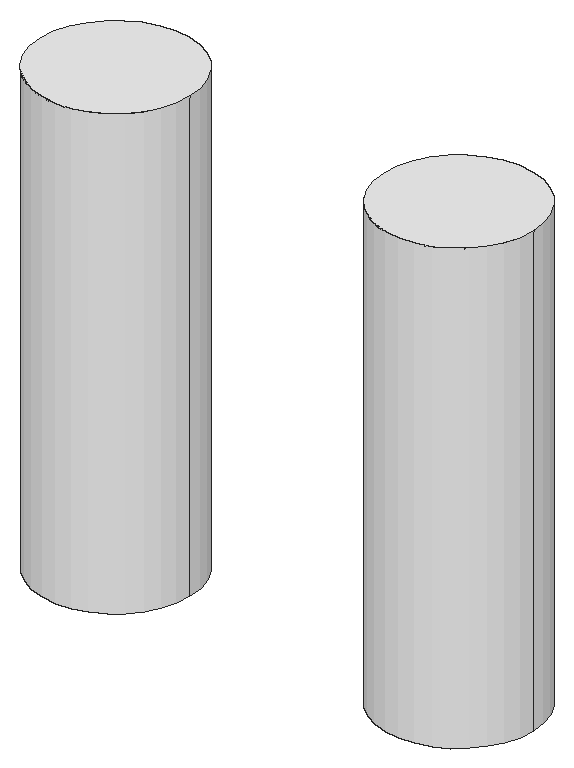
Revit family "0920220333", category Plumbing Fixtures, Revit 2018
Family settings
  Round Connector Dimension = Use Diameter
  Part Type = Normal
  OmniClass Number = 23.45.55.00
  OmniClass Title = Sanitary Faucets, Wastes
  Work Plane-Based = No
  Always vertical = Yes
  Cut with Voids When Loaded = No
  Shared = No
  Room Calculation Point = No
Parameters (values of type "0920220333 Kitchen faucet ")
  WorkingPressure = "50 - 1000 kPa"
  Working Pressure = "50 - 1000 kPa"
  WarrantyStartDate [instance] = "n/a"
  WarrantyGuarantorParts = "n/a"
  WarrantyGuarantorLabor = "n/a"
  WarrantyDurationUnit = "Year"
  WarrantyDurationParts = "n/a"
  WarrantyDurationLabor = "n/a"
  WarrantyDescription = "http://warranty.hansa.com"
  Warranty Information URL = "http://warranty.hansa.com"
  VersionDate = "01/07/2022"
  Version = "2"  # constant formula
  ValvePattern = "n/a"
  ValveOperation = "n/a"
  ValveMechanism = "n/a"
  Uniclass2015Reference = "Pr_40_20_87_96"
  Uniclass2015Description = "Washbasin manual water supply sets"
  Uniclass2 = "Pr_40_30_96_96"
  URL REACH = "http://static.hansa.com/doc/reach"
  URL Declaration of Conformity = "http://static.hansa.com/DoC/0920220333"
  URL DVGW = "http://static.hansa.com/DVGW/0920220333"
  URL = ""
  UNSPSC Class Number = "30181700 Faucets or taps"
  TestPressure = "n/a"
  Temperature Adjustments = "Limitation option for maximum temperature and flow-rate ;Adjustable hot water stop (included, retrofittable)"
  Technical DataSheet URL = "http://www.hansa.com/datasheet/0920220333/en"
  TagNumber [instance] = "n/a"
  SustainabilityPerformance = "n/a"
  Surface treatment = "Matt black"
  Spout Type = "Swivel spout;Casted construction"
  Spout Swivel Range = "150° (360°)"
  Spout Projection = "193 mm"
  Spare-Part Information URL = "http://static.hansa.com/sp/0920220333"
  Size = "100x255x300 mm"
  Shape = "Sculptured"
  SerialNumber [instance] = "n/a"
  Sales Package dimensions (LxWxH) = "407 x 265 x 119"
  Revision = "2"  # constant formula
  ReplacementCost = "n/a"
  ProductInformation = "n/a"
  Product URL = "http://static.hansa.com/0920220333"
  Product Image URL = "http://static.hansa.com/image/0920220333"
  Product Family = "HANSATWIST "
  Product Code = "0920220333"
  Pressure Loss With Flow 02ls = 300000.0 Pa
  OperatingMechanismMaterial = "n/a"
  NominalWidth = 101.194 mm
  NominalHeight = 298.727 mm
  NominalDepth = 232.79 mm
  Noise Class = "I (ISO 3822)"
  Name_en = "0920220333 Kitchen faucet"
  Name = "0920220333 Kitchen faucet"
  NBSReference = "45-35-70/371"
  NBSDescription = "Water supply fittings for wash basins and troughs"
  Mounting Holes = "1 hole"
  ModelReference = "0920220333"
  ModelNumber = "n/a"
  Model = "0920220333 Kitchen faucet"
  Mobile Product Information URL = "http://mpi.hansa.com/0920220333"
  Mechanical Parts = "ø 35 mm ceramic cartridge for flow and temperature control"
  Max. Hot Water Supply = 80 °C
  Material = "Brass"
  Market = "International;Germany;Austria;Belgium;Netherlands"
  ManufacturerURL = "http://www.hansa.com"
  ManufacturerName = "HANSA"
  Manufacturer = "HANSA"
  Lever Handle = "Hot/Cold symbols;Single operating lever/handle"
  Keynote = ""
  Interactive AR View URL = "https://static.hansa.com/AR/0920220333"
  InstallationDate [instance] = "n/a"
  Installation and Maintenance Guide URL = "http://static.hansa.com/manual/0920220333"
  Installation Type = "Deck mounted"
  InletConnectionSize = 10 mm
  IfcExportType = "FAUCET"  # constant formula
  IfcExportAs = "IfcValveType"  # constant formula
  Group = "Kitchen faucet"
  Grade = "n/a"
  FlowCoefficient = 0
  Flow Rate At 300kPa = 0.2 L/s
  Flow Drawing URL = "http://static.hansa.com/flowchart/0920220333"
  Finish = "Polished"
  Features = "Single-lever, side operated"
  FaucetMainMaterial = Brass
  FDV Document URL = "http://www.hansa.com/datasheet/0920220333/en/fdv"
  ExpectedLife = "n/a"
  ETIM Class Number = "EC011431 Kitchen mixing tap"
  EN Standard = "EN 817"
  EAN Number = "4057304014390"
  DurationUnit = "Year"
  Dimension Drawing URL = "http://static.hansa.com/dimdrw/0920220333"
  Description = ""
  DefaultElevation [instance] = 900 mm
  Constituents = "n/a"
  Connection Size = "G3/8"
  Connection = "Flexible inlet pipes"
  Color = "Black Matt"
  CodePerformance = "n/a"
  CloseOffRating = 0
  Category = "Kitchen"
  Catalog Drawing URL = "http://static.hansa.com/catdrw/0920220333"
  Brand = "HANSA"
  BodyMaterial = "Brass"
  Barcode [instance] = "n/a"
  Backflow Prevention EN1717 = "AA"
  BIMObjectName = "0920220333"
  Author = "BIMStone"
  AssetType = "Fixed"
  AssetIdentifier [instance] = "n/a"
  Approval DVGW = "NW-6506CQ0410"
  Ambience photo = "http://static.hansa.com/ambience/0920220333"
  Aerator = "Standard aerator"
  Advanced Features = "Inner body made of DZR brass;Surfaces in contact with drinking water contain less than 0.3% lead;Waterways without nickel coating"
  AccessibilityPerformance = "n/a"
  3D View = "https://static.hansa.com/3D/0920220333"
  2D/3D/BIM Files URL = "http://static.hansa.com/bim/0920220333"
Reference planes
  plane 1 "Center (Front/Back)": y = 0
  plane 2: z = 0
  plane 3 "Center (Left/Right)": x = 0
  plane 4: x = -24.236
  plane 5: z = 900
  plane 6: z = 870
  plane 7: y = -232.79
  plane 8: x = 24.236
  plane 9: z = 1198.727
  plane 10: x = 76.958
Forms (mm)
  Extrusion 1, solid, material "Brass" <- "FaucetMainMaterial"
    sketch origin (0, -1.749, 0) x (1, 0, 0) y (0, 1, 0)
      loop
        circle (-11.5, -22.5) r 5
      loop
        circle (11.5, -22.5) r 5
    from 870 to 900
Dimensions and locks
  "DefaultElevation": plane 5 to level
  locked: plane 5 to plane 6 at 30
  "NominalDepth": plane 7 to plane 1 "Center (Front/Back)"
  equal spacing: plane 4, plane 3 "Center (Left/Right)", plane 8
  "NominalHeight": plane 9 to plane 5
  locked: plane 8 to plane 10 at 52.723
  "NominalWidth": plane 4 to plane 10
  "InletConnectionSize": diameter of Extrusion 1 sketch curve  (x2)
  aligned and locked: level to plane 2
  aligned and locked: plane 5 to Extrusion 1
  aligned and locked: Extrusion 1 to plane 6
  aligned and locked: plane 5 to nested 2
Automatic sketch dimensions
  Extrusion 1 sketch curve to plane 3 "Center (Left/Right)" = 11.5 mm
  plane 3 "Center (Left/Right)" to Extrusion 1 sketch curve = 11.5 mm
  plane 1 "Center (Front/Back)" to Extrusion 1 sketch curve = 24.249 mm
  Extrusion 1 sketch curve to Extrusion 1 sketch curve = 0 mm
Nested families
  nested 1: "Symbol" at (0, 0, 0), type "Symbol", detail levels coarse
  nested 2: "0920220333_p" at (0, 0, 900), Material <- "FaucetMainMaterial", type "0920220333_p"
    with Material Brass
Connectors
  piping at (-11.5, -24.249, 870), diameter 10, driven by "InletConnectionSize"
    settings: on Extrusion 1, index 1, connector inside diameter 609.6 mm, connector length 0 mm, flow factor 0, pipe flow 0.0 L/s, pressure drop 0.0 Pa, fitting loss kfactor 0, connector angle 0.00°, fixture units 0, engagement length 0 mm, angle of deflection 0.00°, flow configuration 1, flow direction 1, fitting loss method 0, system type 19, joint type 0, gender type 0, connector reference index -1, connector utility 0, adjustable connector no, is connector primary yes, connector description ""
  piping at (11.5, -24.249, 870), diameter 10, driven by "InletConnectionSize"
    settings: on Extrusion 1, index 2, connector inside diameter 609.6 mm, connector length 0 mm, flow factor 0, pipe flow 0.0 L/s, pressure drop 0.0 Pa, fitting loss kfactor 0, connector angle 0.00°, fixture units 0, engagement length 0 mm, angle of deflection 0.00°, flow configuration 1, flow direction 1, fitting loss method 0, system type 20, joint type 0, gender type 0, connector reference index -1, connector utility 0, adjustable connector no, is connector primary no, connector description ""
Definition of nested family "Symbol"
  Reference planes
    plane 1: y = 0
    plane 2: x = 0
  Lines and regions (mm)
    detail lines
      curve 1: line (0, 0, 0) -> (0, -1.8, 0)
      curve 2: line (-0.4, -1.1, 0) -> (0.4, -1.1, 0)
      curve 3: line (-0.4, -1.4, 0) -> (0.4, -1.4, 0)
      curve 4: line (0.863, 0, 0) -> (-0.863, 0, 0)
      curve 5: circle (-1.163, 0, 0) r 0.3 normal (0, 0, -1)
      curve 6: circle (1.163, 0, 0) r 0.3 normal (0, 0, 1)
Definition of nested family "0920220333_p"
  Parameters (values of type "0920220333_p")
    Material [instance] = none
  Reference planes
    plane 1 "Center (Front/Back)": y = 0
    plane 2: z = 0
    plane 3 "Center (Left/Right)": x = 0
    plane 4: z = 298.727
    plane 5: y = -232.79
    plane 6: x = -24.236
    plane 7: x = 24.236
    plane 8: x = 76.958
  Forms (mm)
    Revolve 1, solid, material <- "Material", detail levels medium
      sketch origin (0, 0, 0) x (0, 1, 0) y (0, 0, 1)
        loop
          line (-0.999, 0) -> (-0.999, 107.141) -> (-9.249, 107.141) -> (-9.249, 277.141) -> (-24.249, 277.141) -> (-24.249, 0) -> (-0.999, 0)
        axis (-24.249, 277.141) -> (-24.249, 0)
      angle from 0 to 360
    Extrusion 2, void
      sketch origin (0, 0, 0) x (0, 1, 0) y (0, 0, 1)
        loop
          line (0, 258.156) -> (0, 301.618) -> (-246.489, 301.618) -> (0, 258.156)
      from 24.236 to -24.236
    Extrusion 3, solid, material <- "Material", detail levels medium
      sketch origin (0, 0, 0) x (0, 1, 0) y (0, 0, 1)
        loop
          line (-24.249, 262.431) -> (-229.999, 298.711)
          arc (-229.999, 298.711) -> (-230.597, 298.578) -> (-230.926, 298.062) r 0.8
          line (-230.926, 298.062) -> (-232.782, 287.533)
          arc (-232.782, 287.533) -> (-232.744, 287.035) -> (-232.469, 286.618) r 1
          line (-232.469, 286.618) -> (-227.318, 281.958) -> (-204.906, 273.789) -> (-24.249, 237.212) -> (-24.249, 262.431)
      from -15 to 15
    Revolve 4, solid, material <- "Material", detail levels medium
      sketch origin (0, 0, 0) x (0, 1, 0) y (0, 0, 1)
        loop
          line (-217.772, 272.766) -> (-206.436, 269.083) -> (-204.044, 276.444) -> (-215.38, 280.127) -> (-217.772, 272.766)
        axis (-215.38, 280.127) -> (-217.772, 272.766)
      angle from 0 to 360
    Revolve 5, solid, material <- "Material", detail levels medium
      sketch origin (0, -24.249, 0) x (1, 0, 0) y (0, 0, 1)
        loop
          line (0.034, 54.308) -> (86.782, 69.933) -> (82.597, 93.667) -> (39.914, 86.141) -> (40.322, 83.878) -> (37.985, 83.465) -> (37.802, 84.481) -> (-3.96, 76.958) -> (0.034, 54.308)
        axis (0.034, 54.308) -> (86.869, 69.949)
      angle from 0 to 360
    Extrusion 6, void
      sketch origin (0, 0, 0) x (1, 0, 0) y (0, 1, 0)
        loop
          line (76.958, 4.643) -> (76.958, -67.417) -> (91.958, -67.417) -> (91.958, 4.643) -> (76.958, 4.643)
      from 0 to 250
    Extrusion 7, solid, material <- "Material", detail levels medium
      sketch origin (0, 0, 0) x (0, 1, 0) y (0, 0, 1)
        loop
          line (-79.154, 132.181) -> (-38.575, 56.458) -> (-7.866, 74.91) -> (-51.672, 147.816)
          arc (-51.672, 147.816) -> (-54.692, 150.078) -> (-58.432, 149.586) r 5
          line (-58.432, 149.586) -> (-77.22, 138.888)
          arc (-77.22, 138.888) -> (-79.551, 135.928) -> (-79.154, 132.181) r 5
      from 64.301 to 76.958
    Extrusion 8, solid, material <- "Material", detail levels coarse
      sketch origin (0, 0, 0) x (1, 0, 0) y (0, 1, 0)
        loop
          line (-24.236, 0) -> (-24.236, -232.79) -> (76.958, -232.79) -> (76.958, 0) -> (-24.236, 0)
      from 0 to 298.727
  Cuts and joins
    Extrusion 2 cuts Revolve 1
    Extrusion 6 cuts Revolve 5
    joined: Revolve 1, Extrusion 3, Revolve 4, Revolve 5, Extrusion 7
  Lines and regions (mm)
    symbolic lines, detail levels fine
      curve 1: arc (15, -42.157, 0) -> (21.903, -16.329, 0) -> (0, -1, 0) r 23.312
      curve 4: arc (-15, -24.249, 0) -> (0, -9.249, 0) -> (15, -24.249, 0) r 15
      curve 10: spline (41.493, -47.513, 0) -> (40.458, -46.721, 0) -> (39.493, -44.398, 0) -> (38.665, -40.702, 0) -> (38.029, -35.885, 0) -> (37.63, -30.276, 0) -> (37.493, -24.257, 0) -> (37.63, -18.237, 0) -> (38.029, -12.628, 0) -> (38.665, -7.812, 0) -> (39.493, -4.116, 0) -> (40.458, -1.792, 0) -> (41.493, -1, 0)
      curve 13: arc (42.802, -2.834, 0) -> (43.486, -2.272, 0) -> (44.213, -1.767, 0) r 11.219
      curve 25: line (15, -47.513, 0) -> (15, -24.249, 0)
      curve 26: line (-15, -42.157, 0) -> (-15, -24.249, 0)
      curve 29: arc (42.645, -46.297, 0) -> (40.039, -24.556, 0) -> (42.802, -2.834, 0) r 89.296
      curve 38: line (0, -39.249, 109.115) -> (0, -39.249, 127.141)
      curve 39: line (0, -40.929, 107.141) -> (0, -46.499, 107.141)
      curve 40: line (0, -7.493, 107.141) -> (0, -40.929, 107.141)
      curve 42: arc (0, -40.929, 107.141) -> (0, -39.726, 107.819) -> (0, -39.249, 109.115) r 2
      curve 44: arc (0, -46.499, 107.141) -> (0, -47.206, 106.848) -> (0, -47.499, 106.141) r 1
      curve 48: line (0, -47.499, 55.904) -> (0, -47.499, 106.141)
      curve 50: line (0, -0.999, 56.979) -> (0, -0.999, 73.551)
      curve 63: arc (0, -204.906, 273.789) -> (0, -215.167, 280.468) -> (0, -227.318, 281.958) r 27.138
      curve 67: line (0, -232.782, 287.533) -> (0, -24.265, 244.952)
      curve 68: line (0, -24.265, 244.952) -> (0, -24.265, 262.434)
      curve 69: line (0, -24.265, 244.952) -> (0, -39.249, 236.159)
      curve 79: line (17, 0, 107.141) -> (-17, 0, 107.141)
      curve 84: spline (11.072, 0, 271.943) -> (10.696, 0, 273.05) -> (9.593, 0, 274.082) -> (7.839, 0, 274.968) -> (5.554, 0, 275.647) -> (2.892, 0, 276.075) -> (0.036, 0, 276.22) -> (-2.82, 0, 276.075) -> (-5.482, 0, 275.647) -> (-7.768, 0, 274.968) -> (-9.521, 0, 274.082) -> (-10.624, 0, 273.05) -> (-11, 0, 271.943) -> (-10.624, 0, 270.836) -> (-9.521, 0, 269.804) -> (-7.768, 0, 268.919) -> (-5.482, 0, 268.239) -> (-2.82, 0, 267.812) -> (0.036, 0, 267.666) -> (2.892, 0, 267.812) -> (5.554, 0, 268.239) -> (7.839, 0, 268.919) -> (9.593, 0, 269.804) -> (10.696, 0, 270.836) -> (11.072, 0, 271.943)
      curve 85: line (-11, 0, 271.943) -> (-11, 0, 277.862)
      curve 86: line (-11, 0, 277.862) -> (-15, 0, 281.862)
      curve 87: line (11, 0, 271.943) -> (11, 0, 277.862)
      curve 88: line (11, 0, 277.862) -> (15, 0, 281.862)
      curve 89: line (-9.017, 0, 286.595) -> (9.017, 0, 286.595)
      curve 90: arc (-15, 0, 285.422) -> (-12.066, 0, 286.299) -> (-9.017, 0, 286.595) r 15.847
      curve 91: arc (15, 0, 285.422) -> (12.066, 0, 286.299) -> (9.017, 0, 286.595) r 15.847
      curve 103: arc (47.41, 0, 48.599) -> (50.329, 0, 45.678) -> (53.34, 0, 42.852) r 127.788
      curve 104: arc (46.041, 0, 51.433) -> (46.498, 0, 49.906) -> (47.41, 0, 48.599) r 5.022
      curve 108: line (37.843, 0, 84.25) -> (45.915, 0, 39.44)
      curve 112: line (40.218, 0, 84.458) -> (46.041, 0, 51.433)
      curve 121: line (23.25, 0, 89.725) -> (2.838, 0, 65.399)
      curve 122: line (23.25, 0, 29.959) -> (4.567, 0, 45.636)
      curve 123: arc (2.838, 0, 65.399) -> (-0.39, 0, 55.159) -> (4.567, 0, 45.636) r 14.028
      curve 124: line (30.676, 0, 83.494) -> (10.558, 0, 59.042)
      curve 125: line (28.208, 0, 35.868) -> (11.215, 0, 50.659)
      curve 126: arc (10.558, 0, 59.042) -> (9.172, 0, 54.716) -> (11.215, 0, 50.659) r 6
    symbolic lines, detail levels medium+fine
      curve 2: line (-15, -226.79, 0) -> (-15, -42.157, 0)
      curve 3: line (15, -226.79, 0) -> (15, -47.513, 0)
      curve 5: line (-9, -232.79, 0) -> (9, -232.79, 0)
      curve 6: arc (-9, -232.79, 0) -> (-13.243, -231.032, 0) -> (-15, -226.79, 0) r 6
      curve 7: arc (9, -232.79, 0) -> (13.243, -231.032, 0) -> (15, -226.79, 0) r 6
      curve 8: line (15, -47.513, 0) -> (41.493, -47.513, 0)
      curve 9: line (0, -1, 0) -> (41.493, -1, 0)
      curve 11: arc (41.493, -1, 0) -> (42.085, -1.158, 0) -> (42.519, -1.589, 0) r 1.188
      curve 12: line (42.519, -1.589, 0) -> (44.213, -1.767, 0)
      curve 14: line (50.227, 0, 0) -> (69.922, 0, 0)
      curve 15: arc (71.906, -1.745, 0) -> (75.637, -40.151, 0) -> (76.969, -78.715, 0) r 619.087
      curve 16: line (76.056, -79.715, 0) -> (74.015, -79.893, 0)
      curve 17: line (72.945, -79.083, 0) -> (67.446, -50.1, 0)
      curve 18: line (44.403, -48.473, 0) -> (65.481, -48.473, 0)
      curve 19: arc (42.645, -46.297, 0) -> (42.331, -47.153, 0) -> (41.493, -47.513, 0) r 1.153
      curve 20: arc (42.802, -46.923, 0) -> (42.723, -46.61, 0) -> (42.645, -46.297, 0) r 89.296
      curve 21: arc (44.403, -48.473, 0) -> (43.383, -47.925, 0) -> (42.802, -46.923, 0) r 2.124
      curve 22: arc (65.481, -48.473, 0) -> (66.757, -48.933, 0) -> (67.446, -50.1, 0) r 2
      curve 23: arc (74.015, -79.893, 0) -> (73.324, -79.694, 0) -> (72.945, -79.083, 0) r 1
      curve 24: arc (76.969, -78.715, 0) -> (76.708, -79.393, 0) -> (76.056, -79.715, 0) r 1
      curve 27: arc (0, -1, 0) -> (-21.903, -16.329, 0) -> (-15, -42.157, 0) r 23.312
      curve 28: arc (44.213, -1.767, 0) -> (47.094, -0.455, 0) -> (50.227, 0, 0) r 11.219
      curve 30: arc (69.922, 0, 0) -> (71.243, -0.498, 0) -> (71.906, -1.745, 0) r 2
      curve 31: line (0, -0.999, 0) -> (0, -0.999, 56.979)
      curve 32: line (0, -1.999, 107.141) -> (0, -7.493, 107.141)
      curve 33: line (0, -47.499, 0) -> (0, -47.499, 55.904)
      curve 34: line (0, -47.499, 0) -> (0, -0.999, 0)
      curve 35: arc (0, -0.999, 73.551) -> (0, 0.005, 65.265) -> (0, -0.999, 56.979) r 34.668
      curve 36: arc (0, -47.499, 55.904) -> (0, -48.569, 64.508) -> (0, -47.499, 73.111) r 35.125
      curve 37: line (0, -9.249, 109.126) -> (0, -9.249, 258.947)
      curve 41: arc (0, -7.493, 107.141) -> (0, -8.747, 107.801) -> (0, -9.249, 109.126) r 2
      curve 43: arc (0, -0.999, 106.141) -> (0, -1.292, 106.848) -> (0, -1.999, 107.141) r 1
      curve 45: line (0, -39.249, 127.141) -> (0, -51.672, 147.816)
      curve 46: line (0, -58.432, 149.586) -> (0, -77.22, 138.888)
      curve 47: line (0, -79.154, 132.181) -> (0, -47.499, 73.111)
      curve 49: line (0, -0.999, 73.551) -> (0, -0.999, 106.141)
      curve 51: arc (0, -51.672, 147.816) -> (0, -54.692, 150.078) -> (0, -58.432, 149.586) r 5
      curve 52: arc (0, -77.22, 138.888) -> (0, -79.551, 135.928) -> (0, -79.154, 132.181) r 5
      curve 53: line (0, -10.076, 259.932) -> (0, -229.999, 298.711)
      curve 54: arc (0, -9.249, 258.947) -> (0, -9.483, 259.59) -> (0, -10.076, 259.932) r 1
      curve 55: line (0, -43.257, 241.06) -> (0, -204.906, 273.789)
      curve 56: line (0, -227.318, 281.958) -> (0, -232.469, 286.618)
      curve 57: line (0, -230.926, 298.062) -> (0, -232.782, 287.533)
      curve 58: arc (0, -229.999, 298.711) -> (0, -230.597, 298.578) -> (0, -230.926, 298.062) r 0.8
      curve 59: arc (0, -232.782, 287.533) -> (0, -232.744, 287.035) -> (0, -232.469, 286.618) r 1
      curve 60: line (0, -229.108, 276.45) -> (0, -206.436, 269.083)
      curve 61: line (0, -204.906, 273.789) -> (0, -206.436, 269.083)
      curve 62: line (0, -227.318, 281.958) -> (0, -229.108, 276.45)
      curve 64: arc (0, -39.249, 236.159) -> (0, -40.379, 239.325) -> (0, -43.257, 241.06) r 5
      curve 65: line (0, -39.249, 127.141) -> (0, -39.249, 236.159)
      curve 66: line (-23.25, 0, 0) -> (-23.25, 0, 106.141)
      curve 70: line (22.25, 0, 107.141) -> (17, 0, 107.141)
      curve 71: arc (-22.25, 0, 107.141) -> (-22.957, 0, 106.848) -> (-23.25, 0, 106.141) r 1
      curve 72: line (23.25, 0, 0) -> (23.25, 0, 29.959)
      curve 73: arc (22.25, 0, 107.141) -> (22.957, 0, 106.848) -> (23.25, 0, 106.141) r 1
      curve 74: line (-23.25, 0, 0) -> (23.25, 0, 0)
      curve 75: line (-15, 0, 109.141) -> (-15, 0, 296.727)
      curve 76: line (-13, 0, 298.727) -> (13, 0, 298.727)
      curve 77: line (15, 0, 109.141) -> (15, 0, 296.727)
      curve 78: line (-17, 0, 107.141) -> (-22.25, 0, 107.141)
      curve 80: arc (-17, 0, 107.141) -> (-15.586, 0, 107.726) -> (-15, 0, 109.141) r 2
      curve 81: arc (17, 0, 107.141) -> (15.586, 0, 107.726) -> (15, 0, 109.141) r 2
      curve 82: arc (-15, 0, 296.727) -> (-14.414, 0, 298.142) -> (-13, 0, 298.727) r 2
      curve 83: arc (13, 0, 298.727) -> (14.414, 0, 298.142) -> (15, 0, 296.727) r 2
      curve 92: line (30.676, 0, 83.494) -> (37.755, 0, 84.742)
      curve 93: line (28.208, 0, 35.868) -> (45.993, 0, 39.004)
      curve 94: line (40.007, 0, 85.65) -> (40.218, 0, 84.458)
      curve 95: line (40.413, 0, 86.229) -> (60.419, 0, 89.757)
      curve 96: line (64.521, 0, 94.138) -> (70.536, 0, 149.246)
      curve 97: line (74.731, 0, 149.382) -> (76.748, 0, 137.943)
      curve 98: line (76.949, 0, 135.436) -> (75.808, 0, 55.069)
      curve 99: arc (75.808, 0, 55.069) -> (75.516, 0, 49.753) -> (74.794, 0, 44.478) r 65.545
      curve 100: line (58.462, 0, 40.266) -> (73.172, 0, 42.86)
      curve 101: arc (74.794, 0, 44.478) -> (74.237, 0, 43.414) -> (73.172, 0, 42.86) r 2
      curve 102: arc (55.236, 0, 41.164) -> (56.747, 0, 40.349) -> (58.462, 0, 40.266) r 3.881
      curve 105: arc (45.915, 0, 39.44) -> (49.844, 0, 40.675) -> (53.34, 0, 42.852) r 16.353
      curve 106: line (37.755, 0, 84.742) -> (37.843, 0, 84.25)
      curve 107: line (37.843, 0, 84.25) -> (40.218, 0, 84.458)
      curve 109: arc (40.007, 0, 85.65) -> (40.09, 0, 86.024) -> (40.413, 0, 86.229) r 0.5
      curve 110: line (45.915, 0, 39.44) -> (45.993, 0, 39.004)
      curve 111: arc (53.34, 0, 42.852) -> (54.284, 0, 42.003) -> (55.236, 0, 41.164) r 127.788
      curve 113: arc (64.521, 0, 94.138) -> (63.2, 0, 91.263) -> (60.419, 0, 89.757) r 5
      curve 114: line (23.25, 0, 89.725) -> (23.25, 0, 106.141)
      curve 115: arc (30.676, 0, 83.494) -> (25.51, 0, 84.878) -> (23.25, 0, 89.725) r 6.327
      curve 116: arc (23.25, 0, 29.959) -> (24.654, 0, 33.816) -> (28.208, 0, 35.868) r 6
      curve 117: arc (76.748, 0, 137.943) -> (76.908, 0, 136.694) -> (76.949, 0, 135.436) r 13.35
      curve 118: line (71.498, 0, 150.137) -> (73.715, 0, 150.208)
      curve 119: arc (70.536, 0, 149.246) -> (70.851, 0, 149.872) -> (71.498, 0, 150.137) r 1
      curve 120: arc (73.715, 0, 150.208) -> (74.377, 0, 149.984) -> (74.731, 0, 149.382) r 1
  Dimensions and locks
    aligned and locked: level to plane 2
